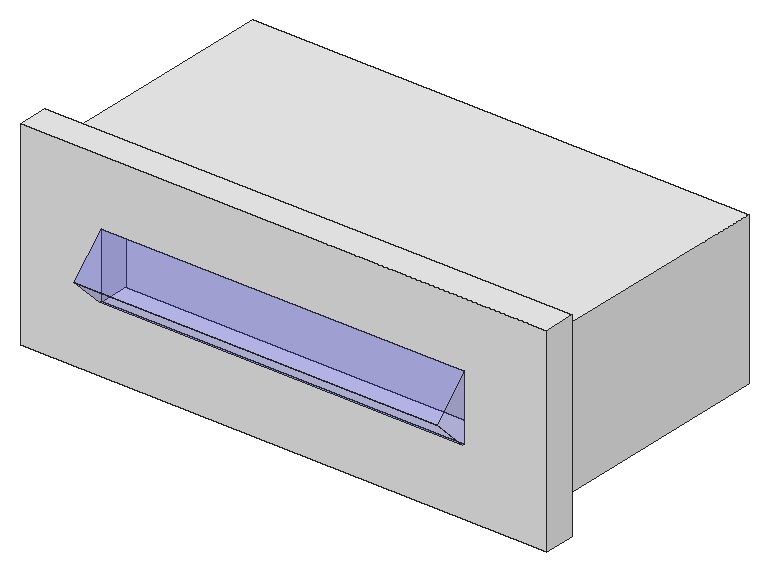
Revit family
Parameters
  Lumens = 1 lm
Reference planes (in)
  plane 1 "Light Source Axis (F/B)": y = 0
  plane 2: z = 0
  plane 3 "Light Source Axis (L/R)": x = 0
  plane 4 "Light Source Elevation": z = -2.25
Forms (in)
  Extrusion 1, solid, material "Solid"
    sketch origin (0, 0, 0) x (1, 0, 0) y (0, 0, 1)
      loop
        line (1.98316, -1.5) -> (-2, -1.5) -> (-2, -3) -> (1.98316, -3) -> (1.98316, -1.5)
    from 0 to 0.23326
  Extrusion 2, void
    sketch origin (0, 0, 0) x (1, 0, 0) y (0, 0, 1)
      loop
        line (-1.38682, -1.99281) -> (-1.38682, -2.49281) -> (1.36318, -2.49281) -> (1.36318, -1.99281) -> (-1.38682, -1.99281)
    from 0.84761 to -0.25242
  Extrusion 3, void
    sketch origin (0, 0, 0) x (1, 0, 0) y (0, 0, 1)
      loop
        line (1.65081, -1.85251) -> (-1.65188, -1.85251) -> (-1.65188, -2.61239) -> (1.65081, -2.61239) -> (1.65081, -1.85251)
    from 0 to -1.59371
  Extrusion 4, solid, material "Light"
    sketch origin (-1.35903, 0, -4.52383) x (-0.999984, 0, 0.00566) y (-0.00566, 0, -0.999984)
      loop
        line (-0.94627, -2.25315) -> (-1.49229, -2.25315) -> (-1.49229, -2.41624) -> (-0.94627, -2.41624) -> (-0.94627, -2.25315)
    from -1.34242 to -0.90867
  Extrusion 5, solid, material "Solid"
    sketch origin (0, 0, 0) x (1, 0, 0) y (0, 0, 1)
      loop
        line (1.88023, -1.64343) -> (-1.86977, -1.64343) -> (-1.86977, -2.79531) -> (1.88023, -2.79531) -> (1.88023, -1.64343)
    from 0 to -1.8024
  Extrusion 6, solid, material "Blue Glass"
    sketch origin (0, 0, 0) x (0, 1, 0) y (0, 0, 1)
      loop
        line (0, -1.99281) -> (-0.23326, -1.99281) -> (-0.49044, -2.25) -> (-0.24763, -2.49281) -> (0, -2.49281) -> (0, -1.99281)
    from -1.38682 to 1.36318
Cuts and joins
  Extrusion 2, Extrusion 3 cuts Extrusion 1
Dimensions and locks (in)
  aligned: Extrusion 6 to cut or joined group of Extrusion 1, Extrusion 2, Extrusion 3
